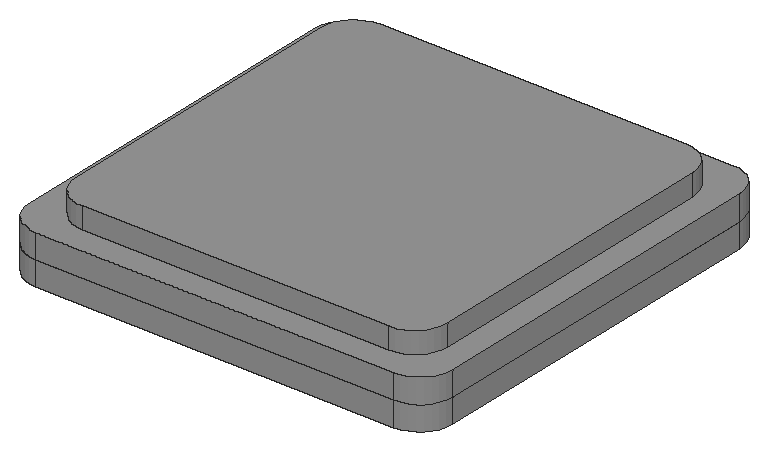
Revit family "FMS2_63_UN_Surface-mounted_ETK", category Lighting Fixtures, Revit 2019 (continued)
Definition of nested family "FMS.2 - Lightsource"
  Types (14, lengths in mm): name | Wattage Comments | Wattage | built-in parameter 1150134 | Photometric Web File | built-in parameter 1150142 | built-in parameter 1150105 | Lumens | built-in parameter 1150107 | built-in parameter 1150106 | Apparent Load
      0.0757\r\n397.0375\t393.9993\t390.823\t387.7848\t384.7466\t381.5703\t378.5321\t375.3558\t372.3176\t369.1413\r\n366.1031\t362.9268\t359.8886\t356.7123\t353.6741\t350.4978\t347.4596\t344.2833\t341.2451\t338.2069\r\n335.0306\t331.9924\t328.8161\t325.0874\t321.3587\t317.7681\t314.0394\t310.3107\t306.7201\t302.9914\r\n299.2627\t295.6721\t291.9434\t288.2147\t284.6241\t280.8954\t277.1667\t273.5761\t269.8474\t266.1187\r\n262.39\t258.7994\t255.0707\t251.342\t247.6133\t244.0227\t240.294\t236.5653\t232.9747\t229.246\r\n225.5173\t221.9267\t218.198\t214.3312\t210.4644\t206.5976\t202.7308\t198.864\t194.9972\t191.1304\r\n187.2636\t183.3968\t179.53\t175.6632\t171.7964\t167.9296\t164.0628\t160.196\t156.3292\t152.4624\r\n148.5956\t144.7288\t141.0001\t137.0781\t133.2251\t129.3721\t125.5053\t121.6523\t117.7993\t113.9463\r\n110.1071\t106.1022\t95.1233\t84.1443\t73.1792\t62.2002\t51.2351\t40.2561\t29.2772\t18.3121\r\n7.3359\t0\t0\t0\t0\t0\t0\t0\t0\t0\r\n0\t0\t0\t0\t0\t0\t0\t0\t0\t0\r\n0\r\n502.9602\t502.4078\t501.7173\t501.0268\t500.4744\t499.922\t499.2315\t498.6791\t497.9886\t497.4362\r\n496.8838\t496.1933\t495.6409\t495.0885\t494.5361\t493.9837\t493.4313\t492.8789\t492.1884\t491.636\r\n491.0836\t490.5312\t489.9788\t489.4264\t488.7359\t488.1835\t487.6311\t487.0787\t486.5263\t485.9739\r\n485.2834\t483.9024\t481.969\t480.0356\t477.9641\t476.0307\t473.9592\t472.0258\t469.9543\t468.0209\r\n465.9494\t463.8779\t461.9445\t459.873\t457.9396\t455.8681\t453.9347\t451.8632\t449.7917\t447.8583\r\n445.7868\t443.7153\t441.7819\t439.7104\t437.6389\t435.7055\t433.634\t431.5625\t429.491\t427.5576\r\n425.4861\t423.2765\t420.1002\t417.062\t414.0238\t410.9856\t407.9474\t404.9092\t401.7329\t398.6947\r\n395.6565\t392.6183\t389.5801\t386.4038\t383.3656\t380.3274\t377.2892\t374.1129\t371.0747\t368.0365\r\n364.9983\t361.822\t358.7838\t355.7456\t352.5693\t349.5311\t346.4929\t343.4547\t340.2784\t337.2402\r\n334.202\t331.0257\t327.4351\t323.7064\t320.1158\t316.3871\t312.6584\t309.0678\t305.3391\t301.7485\r\n298.0198\t294.4292\t290.7005\t287.1099\t283.3812\t279.7906\t276.0619\t272.3332\t268.7426\t265.0139\r\n261.4233\t257.6946\t254.104\t250.3753\t246.7847\t243.056\t239.4654\t235.7367\t232.1461\t228.4174\r\n224.8268\t221.0981\t217.2313\t213.3645\t209.4977\t205.769\t201.9022\t198.0354\t194.1686\t190.3018\r\n186.5731\t182.7063\t178.8395\t174.9727\t171.1059\t167.2391\t163.5104\t159.6436\t155.7768\t151.91\r\n148.0432\t144.1764\t140.4477\t136.5533\t132.7141\t128.8749\t125.0219\t121.1827\t117.3436\t113.5044\r\n109.6652\t101.8073\t90.8698\t79.9185\t68.9671\t58.0158\t47.0645\t36.1131\t25.1618\t14.2105\r\n3.2619\t0\t0\t0\t0\t0\t0\t0\t0\t0\r\n0\t0\t0\t0\t0\t0\t0\t0\t0\t0\r\n0\r\n502.9602\t502.4078\t501.7173\t501.0268\t500.4744\t499.7839\t499.2315\t498.541\t497.9886\t497.4362\r\n496.7457\t496.1933\t495.5028\t494.9504\t494.398\t493.7075\t493.1551\t492.6027\t491.9122\t491.3598\r\n490.8074\t490.1169\t489.5645\t489.0121\t488.4597\t487.7692\t487.2168\t486.6644\t486.112\t485.4215\r\n484.8691\t483.0738\t481.0023\t479.0689\t476.9974\t474.9259\t472.9925\t470.921\t468.9876\t466.9161\r\n464.9827\t462.9112\t460.8397\t458.9063\t456.8348\t454.9014\t452.8299\t450.8965\t448.825\t446.8916\r\n444.8201\t442.7486\t440.8152\t438.7437\t436.6722\t434.7388\t432.6673\t430.5958\t428.6624\t426.5909\r\n424.5194\t421.7574\t418.7192\t415.5429\t412.5047\t409.4665\t406.4283\t403.3901\t400.3519\t397.3137\r\n394.1374\t391.0992\t388.061\t385.0228\t381.9846\t378.9464\t375.9082\t372.87\t369.8318\t366.6555\r\n363.6173\t360.5791\t357.5409\t354.5027\t351.4645\t348.4263\t345.25\t342.2118\t339.1736\t336.1354\r\n333.0972\t329.5066\t325.916\t322.3254\t318.5967\t315.0061\t311.4155\t307.6868\t304.0962\t300.3675\r\n296.7769\t293.1863\t289.4576\t285.867\t282.2764\t278.5477\t274.9571\t271.2284\t267.6378\t264.0472\r\n260.3185\t256.7279\t253.1373\t249.4086\t245.818\t242.0893\t238.4987\t234.9081\t231.1794\t227.5888\r\n223.9982\t220.1314\t216.2646\t212.5359\t208.6691\t204.8023\t201.0736\t197.2068\t193.34\t189.6113\r\n185.7445\t181.8777\t178.149\t174.2822\t170.4154\t166.5486\t162.8199\t158.9531\t155.0863\t151.3576\r\n147.4908\t143.624\t139.7572\t135.9871\t132.1617\t128.3363\t124.511\t120.6718\t116.8464\t113.021\r\n109.1957\t99.0453\t88.1354\t77.2255\t66.3018\t55.3919\t44.482\t33.5583\t22.6484\t11.7302\r\n0.8141\t0\t0\t0\t0\t0\t0\t0\t0\t0\r\n0\t0\t0\t0\t0\t0\t0\t0\t0\t0\r\n0\r\n502.9602\t502.4078\t501.7173\t501.1649\t500.4744\t499.7839\t499.2315\t498.541\t497.9886\t497.2981\r\n496.7457\t496.0552\t495.5028\t494.8123\t494.2599\t493.5694\t493.017\t492.3265\t491.7741\t491.0836\r\n490.5312\t489.8407\t489.2883\t488.5978\t487.9073\t487.3549\t486.6644\t486.112\t485.4215\t484.8691\r\n484.1786\t482.2452\t480.1737\t478.1022\t476.1688\t474.0973\t472.0258\t470.0924\t468.0209\t465.9494\r\n464.016\t461.9445\t459.873\t457.9396\t455.8681\t453.9347\t451.8632\t449.7917\t447.8583\t445.7868\r\n443.7153\t441.7819\t439.7104\t437.6389\t435.7055\t433.634\t431.5625\t429.6291\t427.5576\t425.4861\r\n423.5527\t420.5145\t417.4763\t414.3\t411.2618\t408.2236\t405.1854\t402.1472\t399.109\t396.0708\r\n393.0326\t389.9944\t386.8181\t383.7799\t380.7417\t377.7035\t374.6653\t371.6271\t368.5889\t365.5507\r\n362.5125\t359.4743\t356.298\t353.2598\t350.2216\t347.1834\t344.1452\t341.107\t338.0688\t335.0306\r\n331.9924\t328.2637\t324.6731\t321.0825\t317.3538\t313.7632\t310.1726\t306.582\t302.8533\t299.2627\r\n295.6721\t291.9434\t288.3528\t284.7622\t281.0335\t277.4429\t273.8523\t270.1236\t266.533\t262.9424\r\n259.3518\t255.6231\t252.0325\t248.4419\t244.7132\t241.1226\t237.532\t233.8033\t230.2127\t226.6221\r\n223.0315\t219.1647\t215.2979\t211.5692\t207.7024\t203.9737\t200.1069\t196.2401\t192.5114\t188.6446\r\n184.9159\t181.0491\t177.3204\t173.4536\t169.5868\t165.8581\t161.9913\t158.2626\t154.3958\t150.6671\r\n146.8003\t142.9335\t139.2048\t135.3656\t131.5541\t127.7563\t123.9447\t120.1332\t116.3216\t112.5101\r\n108.7123\t97.8438\t86.9616\t76.0931\t65.2246\t54.3562\t43.4877\t32.6192\t21.7369\t10.8712\r\n0\t0\t0\t0\t0\t0\t0\t0\t0\t0\r\n0\t0\t0\t0\t0\t0\t0\t0\t0\t0\r\n0\r\n502.9602\t502.2697\t501.5792\t500.8887\t500.1982\t499.6458\t498.9553\t498.2648\t497.5743\t496.8838\r\n496.1933\t495.6409\t494.9504\t494.2599\t493.5694\t492.8789\t492.3265\t491.636\t490.9455\t490.255\r\n489.7026\t489.0121\t488.3216\t487.7692\t487.0787\t486.3882\t485.8358\t485.1453\t484.4548\t483.9024\r\n483.2119\t481.2785\t479.3451\t477.2736\t475.2021\t473.1306\t471.1972\t469.1257\t467.0542\t464.9827\r\n462.9112\t460.9778\t458.9063\t456.8348\t454.7633\t452.8299\t450.7584\t448.6869\t446.6154\t444.5439\r\n442.6105\t440.539\t438.4675\t436.396\t434.4626\t432.3911\t430.3196\t428.2481\t426.1766\t424.2432\r\n422.1717\t419.2716\t416.2334\t413.1952\t410.157\t406.9807\t403.9425\t400.9043\t397.8661\t394.8279\r\n391.7897\t388.6134\t385.5752\t382.537\t379.4988\t376.4606\t373.2843\t370.2461\t367.2079\t364.1697\r\n361.1315\t357.9552\t354.917\t351.8788\t348.8406\t345.8024\t342.6261\t339.5879\t336.5497\t333.5115\r\n330.4733\t326.8827\t323.2921\t319.7015\t315.9728\t312.3822\t308.7916\t305.201\t301.4723\t297.8817\r\n294.2911\t290.7005\t286.9718\t283.3812\t279.7906\t276.2\t272.4713\t268.8807\t265.2901\t261.6995\r\n258.1089\t254.3802\t250.7896\t247.199\t243.6084\t240.0178\t236.4272\t232.6985\t229.1079\t225.5173\r\n221.9267\t218.198\t214.3312\t210.6025\t206.7357\t203.007\t199.1402\t195.4115\t191.5447\t187.816\r\n183.9492\t180.2205\t176.3537\t172.625\t168.7582\t165.0295\t161.1627\t157.434\t153.5672\t149.8385\r\n145.9717\t142.243\t138.5143\t134.6613\t130.8636\t127.0796\t123.2819\t119.4979\t115.714\t111.9162\r\n108.1323\t98.0924\t87.2792\t76.466\t65.6527\t54.8533\t44.0401\t33.2269\t22.4274\t11.6142\r\n0.806\t0\t0\t0\t0\t0\t0\t0\t0\t0\r\n0\t0\t0\t0\t0\t0\t0\t0\t0\t0\r\n0\r\n502.9602\t502.2697\t501.5792\t500.7506\t500.0601\t499.3696\t498.6791\t497.9886\t497.16\t496.4695\r\n495.779\t495.0885\t494.398\t493.7075\t493.1551\t492.4646\t491.7741\t491.0836\t490.3931\t489.7026\r\n489.1502\t488.4597\t487.7692\t487.0787\t486.3882\t485.6977\t485.0072\t484.3167\t483.6262\t482.9357\r\n482.2452\t480.8642\t478.7927\t476.7212\t474.6497\t472.5782\t470.5067\t468.4352\t466.3637\t464.1541\r\n462.0826\t460.0111\t457.9396\t455.8681\t453.7966\t451.7251\t449.6536\t447.5821\t445.5106\t443.4391\r\n441.3676\t439.2961\t437.0865\t435.015\t432.9435\t430.872\t428.8005\t426.729\t424.5194\t422.4479\r\n420.3764\t418.0287\t414.9905\t411.9523\t408.9141\t405.7378\t402.6996\t399.6614\t396.4851\t393.4469\r\n390.4087\t387.3705\t384.1942\t381.156\t378.1178\t374.9415\t371.9033\t368.727\t365.6888\t362.6506\r\n359.4743\t356.4361\t353.3979\t350.2216\t347.1834\t344.1452\t340.9689\t337.9307\t334.8925\t331.8543\r\n328.678\t325.6398\t321.9111\t318.3205\t314.7299\t311.1393\t307.4106\t303.82\t300.2294\t296.6388\r\n292.9101\t289.3195\t285.7289\t282.1383\t278.5477\t274.9571\t271.2284\t267.6378\t264.0472\t260.4566\r\n256.866\t253.2754\t249.5467\t245.9561\t242.3655\t238.7749\t235.1843\t231.5937\t228.0031\t224.4125\r\n220.8219\t217.0932\t213.3645\t209.4977\t205.769\t202.0403\t198.1735\t194.4448\t190.578\t186.8493\r\n183.1206\t179.2538\t175.5251\t171.6583\t167.9296\t164.2009\t160.3341\t156.6054\t152.7386\t149.0099\r\n145.2812\t141.4144\t137.6995\t133.9294\t130.1593\t126.3891\t122.619\t118.8489\t115.0787\t111.3086\r\n107.5523\t99.8463\t89.1021\t78.3579\t67.6138\t56.8834\t46.1392\t35.4088\t24.6647\t13.9343\r\n3.197\t0\t0\t0\t0\t0\t0\t0\t0\t0\r\n0\t0\t0\t0\t0\t0\t0\t0\t0\t0\r\n0\r\n502.9602\t502.2697\t501.4411\t500.6125\t499.922\t499.0934\t498.4029\t497.7124\t496.8838\t496.1933\r\n495.5028\t494.8123\t494.1218\t493.4313\t492.7408\t492.0503\t491.3598\t490.6693\t489.9788\t489.1502\r\n488.4597\t487.7692\t487.0787\t486.3882\t485.5596\t484.8691\t484.0405\t483.35\t482.5214\t481.8309\r\n481.0023\t480.3118\t478.1022\t476.0307\t473.9592\t471.8877\t469.6781\t467.6066\t465.5351\t463.3255\r\n461.254\t459.0444\t456.9729\t454.7633\t452.6918\t450.6203\t448.4107\t446.3392\t444.2677\t442.0581\r\n439.9866\t437.777\t435.7055\t433.634\t431.4244\t429.3529\t427.2814\t425.0718\t423.0003\t420.7907\r\n418.7192\t416.5096\t414.1619\t410.9856\t407.8093\t404.7711\t401.5948\t398.5566\t395.3803\t392.204\r\n389.1658\t385.9895\t382.9513\t379.775\t376.7368\t373.5605\t370.3842\t367.346\t364.1697\t361.1315\r\n357.9552\t354.7789\t351.7407\t348.5644\t345.5262\t342.3499\t339.3117\t336.1354\t333.0972\t330.059\r\n326.8827\t323.8445\t320.8063\t317.0776\t313.487\t309.7583\t306.1677\t302.5771\t298.8484\t295.2578\r\n291.6672\t287.9385\t284.3479\t280.7573\t277.1667\t273.438\t269.8474\t266.2568\t262.6662\t259.0756\r\n255.3469\t251.7563\t248.1657\t244.5751\t240.9845\t237.3939\t233.8033\t230.2127\t226.6221\t223.0315\r\n219.4409\t215.8503\t212.2597\t208.3929\t204.6642\t200.7974\t197.0687\t193.34\t189.4732\t185.7445\r\n182.0158\t178.149\t174.4203\t170.6916\t166.8248\t163.0961\t159.3674\t155.6387\t151.91\t148.1813\r\n144.3145\t140.5858\t136.8709\t133.1284\t129.3997\t125.6572\t121.9147\t118.1722\t114.4435\t110.7148\r\n106.9723\t103.0917\t92.4303\t81.7552\t71.0939\t60.4326\t49.7712\t39.1099\t28.4486\t17.7873\r\n7.1246\t0\t0\t0\t0\t0\t0\t0\t0\t0\r\n0\t0\t0\t0\t0\t0\t0\t0\t0\t0\r\n0\r\n502.9602\t502.1316\t501.303\t500.6125\t499.7839\t498.9553\t498.1267\t497.4362\t496.7457\t496.0552\r\n495.3647\t494.6742\t493.9837\t493.1551\t492.4646\t491.636\t490.9455\t490.1169\t489.4264\t488.5978\r\n487.9073\t487.0787\t486.2501\t485.4215\t484.5929\t483.9024\t483.0738\t482.2452\t481.4166\t480.588\r\n479.7594\t478.9308\t477.826\t475.6164\t473.4068\t471.1972\t468.9876\t466.9161\t464.7065\t462.635\r\n460.4254\t458.2158\t456.1443\t453.9347\t451.7251\t449.5155\t447.3059\t445.0963\t443.0248\t440.8152\r\n438.6056\t436.396\t434.1864\t431.9768\t429.9053\t427.6957\t425.4861\t423.2765\t421.0669\t418.7192\r\n416.5096\t414.3\t412.0904\t410.0189\t406.9807\t403.8044\t400.6281\t397.4518\t394.2755\t391.0992\r\n387.9229\t384.7466\t381.5703\t378.394\t375.3558\t372.1795\t369.0032\t365.8269\t362.6506\t359.4743\r\n356.298\t353.1217\t350.0835\t346.9072\t343.7309\t340.5546\t337.3783\t334.3401\t331.1638\t327.9875\r\n324.9493\t321.773\t318.5967\t315.5585\t312.2441\t308.5154\t304.9248\t301.1961\t297.6055\t293.8768\r\n290.2862\t286.6956\t282.9669\t279.3763\t275.7857\t272.057\t268.4664\t264.8758\t261.1471\t257.5565\r\n253.9659\t250.3753\t246.6466\t243.056\t239.4654\t235.8748\t232.1461\t228.5555\t224.9649\t221.3743\r\n217.7837\t214.1931\t210.6025\t207.0119\t203.2832\t199.5545\t195.8258\t191.959\t188.2303\t184.5016\r\n180.7729\t177.0442\t173.3155\t169.5868\t165.72\t161.9913\t158.2626\t154.5339\t150.8052\t147.0765\r\n143.4859\t139.7572\t135.9871\t132.286\t128.5711\t124.8562\t121.1551\t117.454\t113.753\t110.0519\r\n106.3508\t102.6497\t97.1395\t86.5473\t75.9688\t65.3903\t54.8119\t44.2334\t33.655\t23.0903\r\n12.5146\t1.9444\t0\t0\t0\t0\t0\t0\t0\t0\r\n0\t0\t0\t0\t0\t0\t0\t0\t0\t0\r\n0\r\n502.9602\t502.1316\t501.303\t500.4744\t499.6458\t498.8172\t498.1267\t497.4362\t496.7457\t496.0552\r\n495.2266\t494.398\t493.7075\t492.8789\t492.0503\t491.3598\t490.5312\t489.7026\t488.874\t488.0454\r\n487.2168\t486.3882\t485.4215\t484.5929\t483.7643\t482.7976\t481.969\t481.0023\t480.0356\t479.0689\r\n478.1022\t477.2736\t476.3069\t475.3402\t473.1306\t470.921\t468.7114\t466.5018\t464.2922\t462.0826\r\n459.7349\t457.5253\t455.3157\t453.1061\t450.8965\t448.5488\t446.3392\t443.9915\t441.7819\t439.4342\r\n437.2246\t434.8769\t432.6673\t430.4577\t428.11\t425.9004\t423.5527\t421.3431\t418.9954\t416.7858\r\n414.4381\t412.2285\t409.8808\t407.5331\t405.3235\t402.9758\t399.7995\t396.6232\t393.3088\t390.1325\r\n386.9562\t383.7799\t380.4655\t377.2892\t373.9748\t370.7985\t367.6222\t364.3078\t361.1315\t357.9552\r\n354.7789\t351.6026\t348.4263\t345.25\t342.0737\t338.8974\t335.7211\t332.5448\t329.3685\t326.0541\r\n322.8778\t319.7015\t316.5252\t313.3489\t310.1726\t306.9963\t303.6819\t299.9532\t296.3626\t292.6339\r\n288.9052\t285.3146\t281.5859\t277.8572\t274.2666\t270.5379\t266.9473\t263.2186\t259.628\t255.8993\r\n252.3087\t248.7181\t245.1275\t241.3988\t237.8082\t234.2176\t230.627\t227.0364\t223.4458\t219.8552\r\n216.2646\t212.674\t209.0834\t205.4928\t201.9022\t198.3116\t194.4448\t190.7161\t186.9874\t183.2587\r\n179.53\t175.8013\t172.0726\t168.3439\t164.6152\t160.8865\t157.1578\t153.4291\t149.7004\t145.9717\r\n142.243\t138.6524\t134.9237\t131.2364\t127.5492\t123.8757\t120.2022\t116.5288\t112.8553\t109.1957\r\n105.5222\t101.8764\t98.2167\t92.527\t82.0452\t71.5772\t61.1093\t50.6413\t40.1733\t29.7191\r\n19.2511\t8.7956\t0\t0\t0\t0\t0\t0\t0\t0\r\n0\t0\t0\t0\t0\t0\t0\t0\t0\t0\r\n0\r\n502.9602\t502.1316\t501.303\t500.3363\t499.5077\t498.8172\t498.1267\t497.4362\t496.7457\t495.9171\r\n495.0885\t494.2599\t493.4313\t492.6027\t491.7741\t490.9455\t490.1169\t489.2883\t488.3216\t487.493\r\n486.5263\t485.5596\t484.5929\t483.6262\t482.6595\t481.6928\t480.7261\t479.7594\t478.7927\t477.826\r\n476.7212\t475.7545\t474.6497\t473.5449\t472.5782\t470.7829\t468.4352\t466.2256\t463.8779\t461.5302\r\n459.3206\t456.9729\t454.6252\t452.2775\t450.0679\t447.7202\t445.3725\t443.0248\t440.6771\t438.3294\r\n435.9817\t433.634\t431.1482\t428.8005\t426.4528\t424.1051\t421.7574\t419.4097\t417.062\t414.7143\r\n412.2285\t409.8808\t407.5331\t405.1854\t402.6996\t400.3519\t398.0042\t395.6565\t392.7564\t389.442\r\n386.2657\t382.9513\t379.6369\t376.3225\t373.0081\t369.6937\t366.3793\t363.0649\t359.7505\t356.5742\r\n353.2598\t350.0835\t346.7691\t343.4547\t340.2784\t336.964\t333.7877\t330.4733\t327.1589\t323.9826\r\n320.8063\t317.4919\t314.3156\t311.1393\t307.8249\t304.6486\t301.4723\t298.296\t295.1197\t291.5291\r\n287.6623\t283.9336\t280.2049\t276.4762\t272.7475\t269.1569\t265.4282\t261.6995\t258.1089\t254.3802\r\n250.7896\t247.0609\t243.4703\t239.7416\t236.151\t232.5604\t228.8317\t225.2411\t221.6505\t217.9218\r\n214.3312\t210.7406\t207.15\t203.5594\t199.9688\t196.3782\t192.7876\t189.3351\t185.6064\t181.7396\r\n178.0109\t174.2822\t170.5535\t166.9629\t163.2342\t159.5055\t155.7768\t152.0481\t148.4575\t144.7288\r\n141.0001\t137.3957\t133.7222\t130.0764\t126.4167\t122.7709\t119.1389\t115.5068\t111.8748\t108.2428\r\n104.6246\t101.0202\t97.4019\t93.8113\t89.3369\t78.9794\t68.6219\t58.2644\t47.9207\t37.577\r\n27.2471\t16.9034\t6.568\t0\t0\t0\t0\t0\t0\t0\r\n0\t0\t0\t0\t0\t0\t0\t0\t0\t0\r\n0\r\n502.9602\t502.1316\t501.1649\t500.3363\t499.5077\t498.8172\t498.1267\t497.4362\t496.6076\t495.779\r\n494.9504\t494.1218\t493.2932\t492.4646\t491.636\t490.6693\t489.7026\t488.874\t487.9073\t486.8025\r\n485.8358\t484.8691\t483.7643\t482.7976\t481.8309\t480.7261\t479.6213\t478.5165\t477.4117\t476.3069\r\n475.2021\t474.0973\t472.9925\t471.7496\t470.6448\t469.4019\t468.159\t466.0875\t463.7398\t461.3921\r\n459.0444\t456.6967\t454.2109\t451.8632\t449.3774\t446.8916\t444.5439\t442.0581\t439.7104\t437.2246\r\n434.8769\t432.3911\t429.9053\t427.4195\t424.9337\t422.586\t420.1002\t417.6144\t415.1286\t412.6428\r\n410.2951\t407.8093\t405.3235\t402.8377\t400.2138\t397.728\t395.2422\t392.7564\t390.2706\t387.9229\r\n385.4371\t382.2608\t378.9464\t375.632\t372.1795\t368.8651\t365.4126\t362.0982\t358.6457\t355.3313\r\n352.0169\t348.7025\t345.3881\t341.9356\t338.6212\t335.3068\t331.8543\t328.5399\t325.2255\t322.0492\r\n318.7348\t315.4204\t312.106\t308.7916\t305.4772\t302.3009\t298.9865\t295.6721\t292.3577\t289.0433\r\n285.7289\t282.5526\t278.962\t275.2333\t271.5046\t267.7759\t264.0472\t260.3185\t256.5898\t252.8611\r\n249.1324\t245.4037\t241.675\t237.9463\t234.3557\t230.627\t226.8983\t223.3077\t219.7171\t216.1265\r\n212.5359\t208.9453\t205.2166\t201.626\t198.0354\t194.4448\t190.8542\t187.2636\t183.673\t180.2205\r\n176.4918\t172.7631\t169.0344\t165.3057\t161.577\t157.9864\t154.2577\t150.6671\t146.9384\t143.3478\r\n139.6191\t136.0561\t132.4379\t128.8335\t125.2015\t121.5832\t117.965\t114.3606\t110.7562\t107.1656\r\n103.5888\t100.012\t96.449\t92.8999\t89.3507\t85.8153\t77.1979\t66.9785\t56.7591\t46.5535\r\n36.3479\t26.1423\t15.9367\t5.7353\t0\t0\t0\t0\t0\t0\r\n0\t0\t0\t0\t0\t0\t0\t0\t0\t0\r\n0\r\n502.9602\t502.1316\t501.1649\t500.3363\t499.5077\t498.8172\t498.1267\t497.2981\t496.4695\t495.6409\r\n494.8123\t493.9837\t493.1551\t492.3265\t491.3598\t490.3931\t489.4264\t488.3216\t487.3549\t486.3882\r\n485.2834\t484.1786\t483.2119\t481.969\t480.8642\t479.7594\t478.5165\t477.4117\t476.1688\t475.064\r\n473.8211\t472.5782\t471.1972\t46
